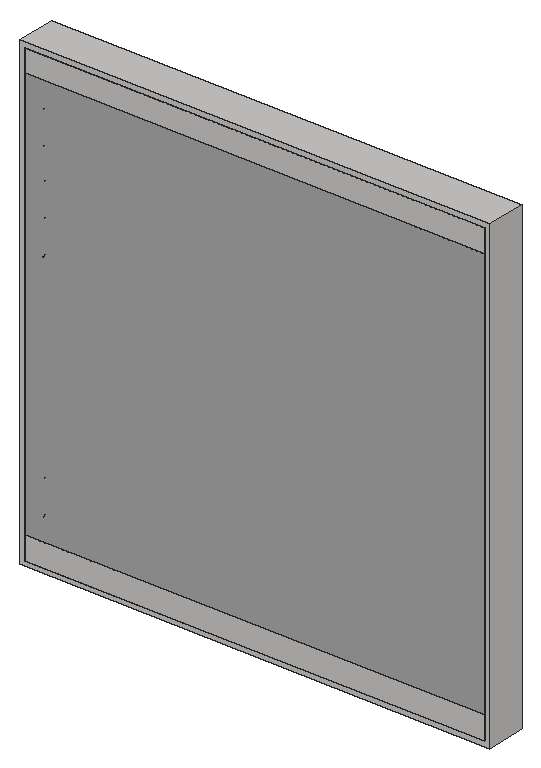
Revit family
Parameters (values of type "Louver_Frmd-Mtl_SFD-445_All-Lite")
  URL = "http://www.alllite-louvers.com"
  Spacing = 0.282 ft
  SmartBIM Object Version = 3  # constant formula
  SmartBIM Object Created By = "Reed Construction Data"  # constant formula
  Shim Thickness = 0.042 ft
  Screen Width = Width - (2 * Shim Thickness)  # 3.916 ft
  Screen Height = Height - ((2 * 0.197917 ft) + (2 * Shim Thickness))  # 3.520167 ft
  Screen = Aluminum
  Rough Width = 0.0 ft
  Rough Height = 0.0 ft
  Product URL = "http://www.alllite-louvers.com/catalog.php?model=SFD-445"
  Pressure Loss (in.wg.) = "0.11"  # constant formula
  OmniClass Title = "Exterior Louvers and Grilles"  # constant formula
  OmniClass Code = "23-60 11 17"  # constant formula
  Model Number = "SFD-445"  # constant formula
  Minimum Size = "12\" x 12\""
  Maximum Size - Single Section = "60\" x 120\" or 120\" x 60\""
  Maximum Size - Multiple Section = "Unlimited"
  Manufacturer = "All-Lite"  # constant formula
  Louver Width = Width - (2 * Shim Thickness) - 0.166667 ft  # 3.749333 ft
  Louver = Galvannealed Steel
  Height = 4.0 ft
  Free Area for 48”x48” Louver = "53.1%"
  Free Area Velocity (fpm) = "715"  # constant formula
  Free Area (ft²) for 48"x48" Louver = 8.5 ft
  Frame = Galvannealed Steel
  Default Sill Height = 3.0 ft
  Wall Closure = (empty or 0)
  Width = 4.0 ft
  Cut Sheet = "http://www.alllite-louvers.com/catalog/ASFD445.pdf"
  Assembly Code = "B2010300"
  Air Volume Delivered (cfm) = "6,092"  # constant formula
  95 CSI = "10200 "  # constant formula
  04 CSI = "08 91 00"  # constant formula
  # of Louvers = (Height - 0.25 ft) / (Spacing)  # 13
Reference planes (ft)
  plane 1 "Center (Front/Back)": y = 0
  plane 2: z = 0.291667
  plane 3 "Center (Left/Right)": x = 0
  plane 4 "Left": x = -2
  plane 5 "Right": x = 2
  plane 6 "Sill": z = 3.291667
  plane 7 "Top": z = 7.291667
  plane 8: x = -1.958
  plane 9: x = 1.958
  plane 10: z = 7.249667
  plane 11: z = 3.333667
  plane 12: z = 5.291667
  plane 13: z = 3.417
  plane 14: z = 3.458667
  plane 15: z = 7.166333
Forms (ft)
  Sweep 1, solid, material "Galvannealed Steel" <- "Frame"
    path origin (-5, 0.333333, 0) x (-1, 0, 0) y (0, 0, 1)
      loop
        line (-6.958, 7.249667) -> (-3.042, 7.249667)
    profile "Horizontal Mullion : Horizontal Mullion" origin (0, 0.333333, 7.249667) x (0, 0, 1) y (0, 1, 0)
      loop
        line (0, 0) -> (-0.083333, 0) -> (-0.083333, -0.333211) -> (-0.197917, -0.333211) -> (-0.197917, -0.339961) -> (0, -0.339961) -> (0, -0.298295) -> (-0.00675, -0.298295) -> (-0.00675, -0.333211) -> (-0.076583, -0.333211) -> (-0.076583, -0.006628) -> (-0.00675, -0.006628) -> (-0.00675, -0.041545) -> (0, -0.041545) -> (0, 0)
  Sweep 2, solid, material "Galvannealed Steel" <- "Frame"
    path origin (-5, 0.333333, 0) x (-1, 0, 0) y (0, 0, 1)
      loop
        line (-6.958, 3.333667) -> (-3.042, 3.333667)
    profile "Horizontal Mullion : Horizontal Mullion" origin (0, 0.333333, 3.333667) x (0, 0, 1) y (0, 1, 0)
      loop
        line (0, 0) -> (0, -0.041545) -> (0.00675, -0.041545) -> (0.00675, -0.006628) -> (0.076583, -0.006628) -> (0.076583, -0.333211) -> (0.00675, -0.333211) -> (0.00675, -0.298295) -> (0, -0.298295) -> (0, -0.339961) -> (0.197917, -0.339961) -> (0.197917, -0.333211) -> (0.083333, -0.333211) -> (0.083333, 0) -> (0, 0)
  Sweep 3, solid, material "Galvannealed Steel" <- "Frame"
    path origin (-5, 0.333333, 0) x (-1, 0, 0) y (0, 0, 1)
      loop
        line (-6.958, 3.417) -> (-6.958, 7.166333)
    profile "Vertical Mullion : Vertical Mullion" origin (1.958, 0.333333, 5.291667) x (1, 0, 0) y (0, 1, 0)
      loop
        line (0, -0.302083) -> (-0.010417, -0.302083) -> (-0.010417, -0.322917) -> (-0.072917, -0.322917) -> (-0.072917, -0.010417) -> (-0.010417, -0.010417) -> (-0.010417, -0.03125) -> (0, -0.03125) -> (0, 0) -> (-0.083333, 0) -> (-0.083333, -0.333333) -> (0, -0.333333) -> (0, -0.302083)
  Sweep 4, solid, material "Galvannealed Steel" <- "Frame"
    path origin (5, 0.333333, 0) x (1, 0, 0) y (0, 0, -1)
      loop
        line (-6.958, -3.417) -> (-6.958, -7.166333)
    profile "Vertical Mullion : Vertical Mullion" origin (-1.958, 0.333333, 5.291667) x (1, 0, 0) y (0, 1, 0)
      loop
        line (0, -0.302083) -> (0, -0.333333) -> (0.083333, -0.333333) -> (0.083333, 0) -> (0, 0) -> (0, -0.03125) -> (0.010417, -0.03125) -> (0.010417, -0.010417) -> (0.072917, -0.010417) -> (0.072917, -0.322917) -> (0.010417, -0.322917) -> (0.010417, -0.302083) -> (0, -0.302083)
  Sweep 5, solid, material "Galvannealed Steel" <- "Frame"
    path origin (-5, 0.333333, 0) x (-1, 0, 0) y (0, 0, 1)
      loop
        line (-3, 7.291667) -> (-7, 7.291667) -> (-7, 3.291667) -> (-3, 3.291667) -> (-3, 7.291667)
    profile origin (-2, 0.333333, 5.291667) x (0, 1, 0) y (-1, 0, 0)
      loop
        line (0, 0) -> (-0.339961, 0) -> (-0.339961, -0.042) -> (0, -0.042) -> (0, 0)
  Extrusion 6, solid, material "Aluminum" <- "Screen"
    sketch origin (0, 0, 0) x (1, 0, 0) y (0, 1, 0)
      loop
        line (-1.958, 0) -> (-1.958, -0.006628) -> (1.958, -0.006628) -> (1.958, 0) -> (-1.958, 0)
    from 3.531583 to 7.05175
Lines and regions (ft)
  Opening 1
    outline origin (-5, -0.333333, 0) x (1, 0, 0) y (0, 0, 1)
      loop
        line (3, 7.291667) -> (3, 3.291667) -> (7, 3.291667) -> (7, 7.291667) -> (3, 7.291667)
  Masking region 1, detail levels coarse+medium
    outline origin (0, 0, 0) x (1, 0, 0) y (0, 1, 0)
      loop
        line (-2, -0.006628) -> (-1.874667, -0.006628) -> (-1.874667, 0.333333) -> (-2, 0.333333) -> (-2, -0.006628)
      loop
        line (2, -0.006628) -> (2, 0.333333) -> (1.874667, 0.333333) -> (1.874667, -0.006628) -> (2, -0.006628)
  Masking region 2, detail levels fine
    outline origin (0, 0, 0) x (1, 0, 0) y (0, 1, 0)
      loop
        line (1.885083, 0.010417) -> (1.885083, 0.322917) -> (1.947583, 0.322917) -> (1.947583, 0.302083) -> (1.958, 0.302083) -> (1.958, 0.333333) -> (1.874667, 0.333333) -> (1.874667, 0) -> (1.958, 0) -> (1.958, 0.03125) -> (1.947583, 0.03125) -> (1.947583, 0.010417) -> (1.885083, 0.010417)
      loop
        line (-1.947583, 0.322917) -> (-1.885083, 0.322917) -> (-1.885083, 0.010417) -> (-1.947583, 0.010417) -> (-1.947583, 0.03125) -> (-1.958, 0.03125) -> (-1.958, 0) -> (-1.874667, 0) -> (-1.874667, 0.333333) -> (-1.958, 0.333333) -> (-1.958, 0.302083) -> (-1.947583, 0.302083) -> (-1.947583, 0.322917)
Text (ft)
  text "EXTERIOR" at (-4.890733, 4.242245, 0), in view "Ref. Level"
  text "INTERIOR" at (-4.890733, -3.147199, 0), in view "Ref. Level"
  text "Exterior" at (0, 3.638026, 10.266337), in view "Left"
  text "Exterior" at (0, 1.524487, 10.420622), in view "Right"
Dimensions and locks (ft)
  equal spacing: plane 4 "Left", plane 3 "Center (Left/Right)", plane 5 "Right"
  "Width": plane 4 "Left" to plane 5 "Right"
  "Height": plane 6 "Sill" to plane 7 "Top"
  "Default Sill Height": plane 2 to plane 6 "Sill"
  "Shim Thickness": plane 4 "Left" to plane 8
  "Shim Thickness": plane 9 to plane 5 "Right"
  "Shim Thickness": plane 10 to plane 7 "Top"
  "Shim Thickness": plane 6 "Sill" to plane 11
  equal spacing: plane 11, plane 12, plane 10
  locked: plane 13 to plane 11 at 0.083333
  locked: plane 14 to plane 13 at 0.041667
  equal spacing: group 1, group 3, group 4, group 5, group 6, group 7, group 8, group 9, group 10, group 11, group 12, group 13, group 2  (x3)
  locked: plane 10 to plane 15 at 0.083333
  aligned and locked: plane 7 "Top" to Opening 1 sketch curve
  aligned and locked: plane 6 "Sill" to Opening 1 sketch curve  (x2)
  aligned and locked: plane 5 "Right" to Opening 1 sketch curve
  aligned and locked: plane 4 "Left" to Opening 1 sketch curve
  aligned and locked: plane 10 to Sweep 1 sketch curve
  aligned and locked: plane 8 to Sweep 1 sketch curve
  aligned and locked: plane 9 to Sweep 1 sketch curve
  aligned and locked: Sweep 2 sketch curve to plane 11
  aligned and locked: plane 9 to Sweep 2 sketch curve
  aligned and locked: plane 8 to Sweep 2 sketch curve
  aligned and locked: plane 9 to Sweep 3 sketch curve
  aligned and locked: Sweep 4 sketch curve to plane 8
  aligned and locked: Sweep 1 to Sweep 4 sketch curve
  aligned and locked: Sweep 5 sketch curve to plane 4 "Left"
  aligned and locked: Sweep 5 sketch curve to plane 7 "Top"
  aligned and locked: Sweep 5 sketch curve to plane 6 "Sill"
  aligned and locked: Sweep 5 sketch curve to plane 5 "Right"
  aligned and locked: Sweep 5 sketch curve to host wall  (x2)
  aligned and locked: plane 8 to Sweep 5 sketch curve
  aligned and locked: plane 3 "Center (Left/Right)" to nested 1
  aligned and locked: Sweep 3 sketch curve to Sweep 1
  aligned and locked: plane 13 to Sweep 3 sketch curve
  aligned and locked: Extrusion 6 sketch curve to plane 8
  aligned and locked: Extrusion 6 sketch curve to Sweep 4
  aligned and locked: Extrusion 6 sketch curve to Sweep 2
  aligned and locked: plane 9 to Extrusion 6 sketch curve
  aligned and locked: Extrusion 6 to Sweep 2
  aligned and locked: Extrusion 6 to Sweep 1
  aligned and locked: plane 14 to nested 1
  aligned and locked: nested 1 to Sweep 4
  aligned and locked: nested 2 to Sweep 4
  aligned and locked: nested 2 to plane 15
  aligned and locked: Sweep 5 sketch curve to Sweep 2
  aligned and locked: Masking region 1 sketch curve to plane 4 "Left"
  aligned and locked: Masking region 1 sketch curve to Extrusion 6
  aligned and locked: Masking region 1 sketch curve to Sweep 4  (x2)
  aligned and locked: Masking region 1 sketch curve to plane 5 "Right"
  aligned and locked: Masking region 1 sketch curve to Sweep 3  (x2)
  aligned and locked: Extrusion 6 to Masking region 1 sketch curve
  aligned and locked: Masking region 2 sketch curve to Sweep 3  (x12)
  aligned and locked: Masking region 2 sketch curve to Sweep 4  (x12)
Automatic sketch dimensions
  Sweep 4 sketch curve to plane 13 = 0.0 ft
Nested families (ft)
  nested 1: "Louver" at (0, 0.102022, 3.458667), type "Louver"
  nested 2: "Louver" at (0, 0.102022, 6.856897), type "Louver"
  nested 3: "Louver" at (0, 0.102022, 3.741853), type "Louver"
  nested 4: "Louver" at (0, 0.102022, 4.025038), type "Louver"
  nested 5: "Louver" at (0, 0.102022, 4.308224), type "Louver"
  nested 6: "Louver" at (0, 0.102022, 4.59141), type "Louver"
  nested 7: "Louver" at (0, 0.102022, 4.874596), type "Louver"
  nested 8: "Louver" at (0, 0.102022, 5.157782), type "Louver"
  nested 9: "Louver" at (0, 0.102022, 5.440968), type "Louver"
  nested 10: "Louver" at (0, 0.102022, 5.724154), type "Louver"
  nested 11: "Louver" at (0, 0.102022, 6.00734), type "Louver"
  nested 12: "Louver" at (0, 0.102022, 6.290526), type "Louver"
  nested 13: "Louver" at (0, 0.102022, 6.573712), type "Louver"
Connectors (ft)
  hvac at (0, -0.006628, 5.291667), driven by "Screen Width", driven by "Screen Height"
    settings: on Extrusion 6, index 1
Definition of nested family "Louver"
  Parameters (values of type "Louver")
    Louver Length = 3.75 ft
    Louver Array = yes
    Louver = All-Lite - Aged Copper
    Assembly Code = ""
  Reference planes (ft)
    plane 1 "Center (Front/Back)": y = -0.085938
    plane 2: z = 0
    plane 3 "Center (Left/Right)": x = 0
    plane 4: x = -1.875
    plane 5: x = 1.875
    plane 6: y = 0.220894
    plane 7: z = 0.309436
  Forms (ft)
    Extrusion 1, solid, material "All-Lite - Aged Copper" <- "Louver"
      sketch origin (0, -0.026502, 0) x (0, 1, 0) y (0, 0, 1)
        loop
          line (0.247396, 0.005208) -> (0.247396, 0.041667)
          arc (0.247396, 0.041667) -> (0.244792, 0.044271) -> (0.242187, 0.041667) r 0.002604
          line (0.242187, 0.041667) -> (0.242187, 0.010417)
          arc (0.242187, 0.010417) -> (0.240662, 0.006734) -> (0.236979, 0.005208) r 0.005208
          line (0.236979, 0.005208) -> (0.210044, 0.005208)
          arc (0.210044, 0.005208) -> (0.208051, 0.005605) -> (0.206361, 0.006734) r 0.005208
          line (0.206361, 0.006734) -> (0.159725, 0.05337) -> (0.156039, 0.067124)
          arc (0.156039, 0.067124) -> (0.154691, 0.069459) -> (0.152357, 0.070807) r 0.005208
          line (0.152357, 0.070807) -> (0.138603, 0.074492) -> (0.009644, 0.203451) -> (0.005958, 0.217205)
          arc (0.005958, 0.217205) -> (0.00461, 0.21954) -> (0.002275, 0.220888) r 0.005208
          line (0.002275, 0.220888) -> (-0.011478, 0.224573) -> (-0.052702, 0.265797)
          arc (-0.052702, 0.265797) -> (-0.053831, 0.267487) -> (-0.054228, 0.26948) r 0.005208
          line (-0.054228, 0.26948) -> (-0.054228, 0.306832)
          arc (-0.054228, 0.306832) -> (-0.056832, 0.309436) -> (-0.059436, 0.306832) r 0.002604
          line (-0.059436, 0.306832) -> (-0.059436, 0.267322)
          arc (-0.059436, 0.267322) -> (-0.059039, 0.265329) -> (-0.05791, 0.26364) r 0.005208
          line (-0.05791, 0.26364) -> (-0.015161, 0.22089) -> (-0.011476, 0.207137)
          arc (-0.011476, 0.207137) -> (-0.010128, 0.204802) -> (-0.007793, 0.203454) r 0.005208
          line (-0.007793, 0.203454) -> (0.005961, 0.199768) -> (0.13492, 0.070809) -> (0.138605, 0.057055)
          arc (0.138605, 0.057055) -> (0.139953, 0.054721) -> (0.142288, 0.053373) r 0.005208
          line (0.142288, 0.053373) -> (0.156042, 0.049687) -> (0.204204, 0.001525)
          arc (0.204204, 0.001525) -> (0.205893, 0.000396) -> (0.207887, 0) r 0.005208
          line (0.207887, 0) -> (0.242187, 0)
          arc (0.242187, 0) -> (0.24587, 0.001525) -> (0.247396, 0.005208) r 0.005208
        loop
          line (0.140938, 0.068474) -> (0.142858, 0.061308)
          arc (0.142858, 0.061308) -> (0.144206, 0.058973) -> (0.146541, 0.057625) r 0.005208
          line (0.146541, 0.057625) -> (0.153707, 0.055705) -> (0.151787, 0.062871)
          arc (0.151787, 0.062871) -> (0.150439, 0.065206) -> (0.148104, 0.066554) r 0.005208
          line (0.148104, 0.066554) -> (0.140938, 0.068474)
        loop
          line (-0.009144, 0.218556) -> (-0.007223, 0.211389)
          arc (-0.007223, 0.211389) -> (-0.005875, 0.209054) -> (-0.00354, 0.207706) r 0.005208
          line (-0.00354, 0.207706) -> (0.003626, 0.205786) -> (0.001706, 0.212952)
          arc (0.001706, 0.212952) -> (0.000358, 0.215287) -> (-0.001977, 0.216635) r 0.005208
          line (-0.001977, 0.216635) -> (-0.009144, 0.218556)
      from -1.875 to 1.875
  Dimensions and locks (ft)
    equal spacing: plane 4, plane 3 "Center (Left/Right)", plane 5
    "Louver Length": plane 4 to plane 5
    aligned and locked: plane 5 to Extrusion 1
    aligned and locked: Extrusion 1 to plane 4
  Automatic sketch dimensions
    Extrusion 1 sketch curve to level = 0.0 ft
    Extrusion 1 sketch curve to Extrusion 1 sketch curve = 0.005208 ft  (x2)
    level to Extrusion 1 sketch curve = 0.010417 ft
    Extrusion 1 sketch curve to Extrusion 1 sketch curve = 0.026935 ft
    Extrusion 1 sketch curve to Extrusion 1 sketch curve = 0.002157 ft
    Extrusion 1 sketch curve to Extrusion 1 sketch curve = 0.001525 ft  (x4)
    level to Extrusion 1 sketch curve = 0.001525 ft
    Extrusion 1 sketch curve to Extrusion 1 sketch curve = 0.003683 ft  (x16)
    Extrusion 1 sketch curve to Extrusion 1 sketch curve = 0.046636 ft
    Extrusion 1 sketch curve to Extrusion 1 sketch curve = 0.003685 ft  (x3)
    Extrusion 1 sketch curve to Extrusion 1 sketch curve = 0.002335 ft  (x6)
    Extrusion 1 sketch curve to Extrusion 1 sketch curve = 0.004253 ft  (x3)
    Extrusion 1 sketch curve to Extrusion 1 sketch curve = 0.000778 ft  (x6)
    level to Extrusion 1 sketch curve = 0.066554 ft
    Extrusion 1 sketch curve to Extrusion 1 sketch curve = 0.002905 ft  (x7)
    Extrusion 1 sketch curve to Extrusion 1 sketch curve = 0.003898 ft  (x2)
    Extrusion 1 sketch curve to Extrusion 1 sketch curve = 0.001133 ft  (x4)
    level to Extrusion 1 sketch curve = 0.057625 ft
    Extrusion 1 sketch curve to Extrusion 1 sketch curve = 0.000215 ft  (x3)
    Extrusion 1 sketch curve to Extrusion 1 sketch curve = 0.001348 ft  (x4)
    Extrusion 1 sketch curve to Extrusion 1 sketch curve = 0.007166 ft  (x2)
    Extrusion 1 sketch curve to plane 1 "Center (Front/Back)" = 0.069079 ft
    Extrusion 1 sketch curve to plane 1 "Center (Front/Back)" = 0.010417 ft
    Extrusion 1 sketch curve to plane 1 "Center (Front/Back)" = 0.005208 ft
    Extrusion 1 sketch curve to Extrusion 1 sketch curve = 0.002604 ft  (x2)
    Extrusion 1 sketch curve to Extrusion 1 sketch curve = 0.0 ft
    Extrusion 1 sketch curve to Extrusion 1 sketch curve = 0.03125 ft
    Extrusion 1 sketch curve to Extrusion 1 sketch curve = 0.007938 ft
    Extrusion 1 sketch curve to Extrusion 1 sketch curve = 0.006018 ft  (x2)
    Extrusion 1 sketch curve to Extrusion 1 sketch curve = 0.00192 ft  (x2)
    Extrusion 1 sketch curve to Extrusion 1 sketch curve = 0.037352 ft
    Extrusion 1 sketch curve to Extrusion 1 sketch curve = 0.042749 ft
    Extrusion 1 sketch curve to Extrusion 1 sketch curve = 0.128959 ft  (x2)
